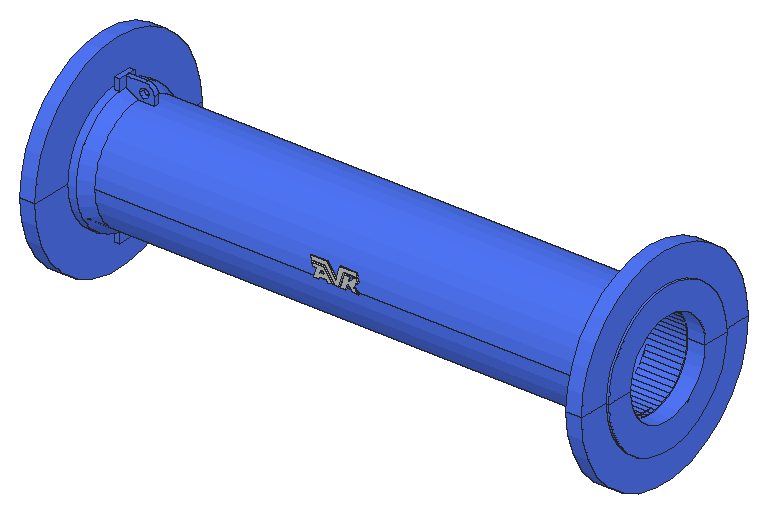
Revit family "712-4920-001-DN100", category Pipe Accessories, Revit 2019
Family settings
  Round Connector Dimension = Use Diameter
  Part Type = Valve - Breaks Into
  Work Plane-Based = No
  Always vertical = Yes
  Cut with Voids When Loaded = No
  Shared = No
Parameters (values of type "DN100_PN10/16")
  Search_Table = "712-4920-001-DN100"
  Rf_Dia = size_lookup(Search_Table, "Rf_Dia", 0 mm, [Nominal Diameter (DN)]) / 2  # 78 mm
  RF_Thick = 3 mm  # constant formula
  L = 600 mm  # constant formula
  ID(Radius) = [Nominal Diameter (DN)] / 2  # 50 mm
  Flange_thickness = size_lookup(Search_Table, "Flange_thickness", 0 mm, [Nominal Diameter (DN)])  # 19 mm
  Nominal Diameter (DN) = 100 mm
  FOD = size_lookup(Search_Table, "FOD", 0 mm, [Nominal Diameter (DN)]) / 2  # 110 mm
  URL product pages = "https://www.avkvalves.com/P.aspx?no=712010049201"
  Description_ = "AVK FLANGED PIPE W/LOOSE FLANGES"
  DN100_PN10/16 = "712-0100-49-201"
  Body_wallthickness = 10 mm  # constant formula
Reference planes
  plane 1 "Center (Front/Back)": y = 0
  plane 2: z = 0
  plane 3 "Center (Left/Right)": x = 0
  plane 4: y = 50
  plane 5: x = -300
  plane 6: x = -281
  plane 7: x = 281
  plane 8: x = 300
  plane 9: y = 60
  plane 10: y = 110
  plane 11: y = 10
  plane 12: y = -10
  plane 13: z = 78
  plane 14: x = -240.737
  plane 15: x = -250.737
  plane 16: z = 68
  plane 17: y = 2.5
  plane 18: y = -2.5
Forms (mm)
  Revolve 1, solid, material "Plastic"
    sketch origin (0, 0, 0) x (1, 0, 0) y (0, 1, 0)
      loop
        line (-281, 110) -> (-300, 110) -> (-300, 50) -> (300, 50) -> (300, 110) -> (281, 110) -> (281, 60) -> (-281, 60) -> (-281, 110)
      axis (-300, 0) -> (300, 0)
    angle from 0 to 360
  Revolve 2, void
    sketch origin (0, 0, 0) x (1, 0, 0) y (0, 1, 0)
      loop
        line (300, 110) -> (297, 110) -> (297, 78) -> (300, 78) -> (300, 110)
      loop
        line (-300, 110) -> (-300, 78) -> (-297, 78) -> (-297, 110) -> (-300, 110)
      axis (-300, 0) -> (300, 0)
    angle from 0 to 360
  Extrusion 3, solid, material "Plastic"
    sketch origin (0, 0, 0) x (1, 0, 0) y (0, 0, 1)
      loop
        line (-276.349, 78) -> (-276.349, -78) -> (-271.349, -78) -> (-271.349, 78) -> (-276.349, 78)
      loop
        line (271, 78) -> (271, -78) -> (276, -78) -> (276, 78) -> (271, 78)
    from -10 to 10
  Revolve 4, solid, material "Plastic"
    sketch origin (0, 0, 0) x (1, 0, 0) y (0, 0, 1)
      loop
        line (-281, 67.411) -> (-281, 50) -> (-240.737, 50) -> (-271.349, 67.411) -> (-281, 67.411)
      loop
        line (281, 67.411) -> (271.349, 67.411) -> (240.737, 50) -> (281, 50) -> (281, 67.411)
      axis (-281, 0) -> (281, 0)
    angle from 0 to 360
  Extrusion 5, solid, material "Plastic"
    sketch origin (0, 0, 0) x (1, 0, 0) y (0, 0, 1)
      loop
        line (-271.349, 78) -> (-271.349, 50) -> (-240.737, 50) -> (-240.737, 68)
        arc (-240.737, 68) -> (-243.666, 75.071) -> (-250.737, 78) r 10
        line (-250.737, 78) -> (-271.349, 78)
      loop
        circle (-250.737, 68) r 5
    from -2.5 to 2.5
  Revolve 6, void
    sketch origin (0, 0, 0) x (1, 0, 0) y (0, 0, 1)
      loop
        line (-300, 50) -> (-300, 0) -> (300, 0) -> (300, 50) -> (-300, 50)
      axis (-300, 0) -> (300, 0)
    angle from 0 to 360
Cuts and joins
  Revolve 2, Revolve 6 cuts Revolve 1
  Revolve 6 cuts Extrusion 3
  Revolve 6 cuts Revolve 4
Dimensions and locks
  "Flange_thickness": plane 7 to plane 8
  equal spacing: plane 5, plane 3 "Center (Left/Right)", plane 8
  "L": plane 5 to plane 8
  "ID(Radius)": plane 1 "Center (Front/Back)" to plane 4
  "Flange_thickness": plane 5 to plane 6
  "Body_wallthickness": plane 9 to plane 4
  "FOD": plane 1 "Center (Front/Back)" to plane 10
  "RF_Thick": Revolve 2 sketch curve to Revolve 2 sketch curve
  "Rf_Dia": plane 1 "Center (Front/Back)" to Revolve 2 sketch curve
  "FOD": plane 1 "Center (Front/Back)" to Revolve 2 sketch curve
  "RF_Thick": Revolve 1 to Revolve 2 sketch curve
  locked: cut or joined group of Revolve 1, Revolve 2, Revolve 6 to Extrusion 3 sketch curve at 4.651
  locked: Extrusion 3 sketch curve to Extrusion 3 sketch curve at 5  (x2)
  locked: Extrusion 3 sketch curve to cut or joined group of Revolve 1, Revolve 2, Revolve 6 at 5
  "Rf_Dia": Extrusion 3 sketch curve to level
  "Rf_Dia": level to Extrusion 3 sketch curve
  "ID(Radius)": Revolve 4 sketch curve to level  (x2)
  locked: cut or joined group of Revolve 1, Revolve 2, Revolve 6 to Revolve 4 sketch curve at 40.263
  locked: cut or joined group of Revolve 1, Revolve 2, Revolve 6 to Revolve 4 sketch curve at 9.651
  locked: Revolve 4 sketch curve to cut or joined group of Revolve 1, Revolve 2, Revolve 6 at 40.263
  locked: Revolve 4 sketch curve to cut or joined group of Revolve 1, Revolve 2, Revolve 6 at 9.651
  cut or joined group of Revolve 1, Revolve 2, Revolve 6 to cut or joined group of Revolve 1, Revolve 2, Revolve 6 = 600 mm
  "ID(Radius)": Revolve 6 sketch curve to level
  aligned and locked: level to plane 2
  aligned and locked: plane 5 to Revolve 1 sketch curve
  aligned and locked: plane 6 to Revolve 1 sketch curve
  aligned and locked: plane 7 to Revolve 1 sketch curve
  aligned and locked: plane 8 to Revolve 1 sketch curve
  aligned and locked: plane 10 to Revolve 1 sketch curve  (x2)
  aligned and locked: Revolve 1 sketch curve to plane 10
  aligned and locked: plane 1 "Center (Front/Back)" to Revolve 1 sketch curve
  aligned and locked: Revolve 2 sketch curve to Revolve 1  (x2)
  aligned and locked: Revolve 2 sketch curve to Revolve 2 sketch curve  (x2)
  aligned and locked: plane 1 "Center (Front/Back)" to Revolve 2 sketch curve
  aligned and locked: plane 3 "Center (Left/Right)" to nested 1
  aligned and locked: Extrusion 3 sketch curve to Extrusion 3 sketch curve  (x2)
  aligned and locked: plane 11 to Extrusion 3
  aligned and locked: Extrusion 3 to plane 12
  aligned and locked: Revolve 4 sketch curve to cut or joined group of Revolve 1, Revolve 2, Revolve 6
  aligned and locked: Revolve 4 sketch curve to plane 2
  aligned and locked: Extrusion 5 sketch curve to Extrusion 3
  aligned and locked: Extrusion 3 to Extrusion 5 sketch curve
  aligned and locked: Extrusion 5 sketch curve to Revolve 4
  aligned and locked: plane 13 to Extrusion 5 sketch curve
  aligned and locked: plane 15 to Extrusion 5 sketch curve
  aligned and locked: plane 16 to Extrusion 5 sketch curve
  aligned and locked: plane 17 to Extrusion 5
  aligned and locked: Extrusion 5 to plane 18
  aligned and locked: Revolve 6 sketch curve to cut or joined group of Revolve 1, Revolve 2, Revolve 6  (x3)
  aligned and locked: Revolve 6 sketch curve to Revolve 6 sketch curve
Automatic sketch dimensions
  Extrusion 5 sketch curve to Extrusion 5 sketch curve = 0 mm  (x2)
  Extrusion 5 sketch curve to Extrusion 5 sketch curve = 18 mm
  Revolve 1 sketch curve to plane 4 = 0 mm
  Revolve 1 sketch curve to plane 9 = 0 mm
  plane 6 to Revolve 1 sketch curve = 11 mm
  plane 3 "Center (Left/Right)" to Revolve 1 sketch curve = 15 mm
  Revolve 2 sketch curve to plane 3 "Center (Left/Right)" = 7 mm
  plane 3 "Center (Left/Right)" to Revolve 2 sketch curve = 18 mm
  Revolve 4 sketch curve to Revolve 4 sketch curve = 9.651 mm
  Revolve 4 sketch curve to Revolve 4 sketch curve = 17.411 mm  (x2)
  Revolve 4 sketch curve to plane 3 "Center (Left/Right)" = 46 mm
  plane 3 "Center (Left/Right)" to Revolve 4 sketch curve = 79 mm
  Revolve 6 sketch curve to plane 3 "Center (Left/Right)" = 50 mm
  plane 3 "Center (Left/Right)" to Revolve 6 sketch curve = 70 mm
  radius of Extrusion 5 sketch curve = 5 mm
Nested families
  nested 1: "LOGO - Copy - Copy - Copy - Copy.0001" at (0, -58.975, -11.043) x (1, 0, 0) z (0, -0.9829, -0.184), type "LOGO - Copy - Copy - Copy - Copy.0001"
Connectors
  piping at (300, 0, 0), diameter 100, driven by "Nominal Diameter (DN)"
    settings: on Revolve 1, index 1, connector inside diameter 609.6 mm, connector length 0 mm, flow factor 0, pipe flow 0.0 L/s, pressure drop 0.0 Pa, fitting loss kfactor 0, connector angle 0.00°, fixture units 0, engagement length 0 mm, angle of deflection 0.00°, flow configuration 0, flow direction 0, fitting loss method 0, system type 7, joint type 0, gender type 0, connector reference index -1, connector utility 0, adjustable connector no, is connector primary yes, connector description ""
  piping at (-300, 0, 0), diameter 100, driven by "Nominal Diameter (DN)"
    settings: on Revolve 1, index 2, connector inside diameter 609.6 mm, connector length 0 mm, flow factor 0, pipe flow 0.0 L/s, pressure drop 0.0 Pa, fitting loss kfactor 0, connector angle 0.00°, fixture units 0, engagement length 0 mm, angle of deflection 0.00°, flow configuration 0, flow direction 0, fitting loss method 0, system type 7, joint type 0, gender type 0, connector reference index -1, connector utility 0, adjustable connector no, is connector primary no, connector description ""
Definition of nested family "LOGO - Copy - Copy - Copy - Copy.0001"
  Parameters (values of type "LOGO - Copy - Copy - Copy - Copy.0001")
    Default Elevation = 1219.2 mm
  Reference planes
    plane 1 "Center (Front/Back)": y = 0
    plane 2: z = 0
    plane 3 "Center (Left/Right)": x = 0
  Forms (mm)
    Extrusion 1, solid
      sketch origin (0, 0, 0) x (1, 0, 0) y (0, 1, 0)
        loop
          line (-1219.2, 1219.2) -> (-1219.2, -1219.2) -> (1219.2, -1219.2) -> (1219.2, 1219.2) -> (-1219.2, 1219.2)
      from 0 to -304.8
    Extrusion 2, solid
      sketch origin (0, 0, 0) x (1, 0, 0) y (0, 1, 0)
        loop
          line (-6.514, 34.224) -> (-24, 34.224) -> (-24, 29.481) -> (-9.766, 29.481) -> (-2.391, 11.367) -> (2.391, 11.367) -> (9.766, 29.481) -> (24, 29.481) -> (24, 34.224) -> (6.514, 34.224) -> (0, 18.224) -> (-6.514, 34.224)
        loop
          line (-10.996, 27.653) -> (-24, 27.653) -> (-24, 23.081) -> (-19.503, 23.081) -> (-24, 11.367) -> (-18.92, 11.367) -> (-17.955, 13.881) -> (-10.51, 13.881) -> (-9.486, 11.367) -> (-4.365, 11.367) -> (-10.996, 27.653)
        loop
          line (-16.777, 18.224) -> (-12.278, 18.224) -> (-14.594, 23.912) -> (-16.777, 18.224)
        loop
          line (4.365, 11.367) -> (9.486, 11.367) -> (12.093, 17.77) -> (16.918, 11.367) -> (22.857, 11.367) -> (17.399, 18.61)
          arc (17.399, 18.61) -> (20.583, 20.18) -> (22.629, 23.081) r 7.2
          line (22.629, 23.081) -> (24, 23.081) -> (24, 27.653) -> (19.429, 27.653)
          arc (19.429, 27.653) -> (17.763, 23.526) -> (13.699, 21.714) r 5.943
          line (13.699, 21.714) -> (16.117, 27.653) -> (10.996, 27.653) -> (4.365, 11.367)
      from 0 to 1
  Dimensions and locks
    aligned and locked: plane 2 to Extrusion 1
    aligned and locked: level to Extrusion 1
    aligned and locked: Extrusion 2 sketch curve to import instance
